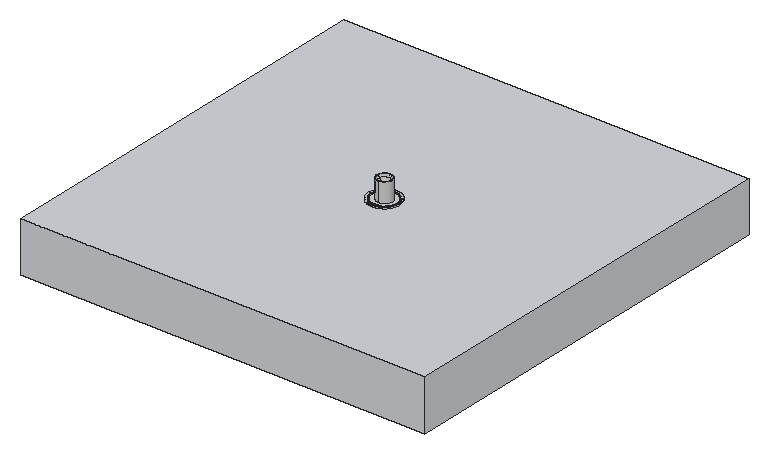
Revit family "LAMP_HANCE DOWNLIGHT SEMIRECESSED SPOT 3000_4000 (DALI)", category Modelos genéricos, Revit 2015
Parameters (values of type "2656LM 4000K 3000 BLACK")
  Weight = 1.54 kg
  Aro 3000/4000 = yes
  Aro 1000/2000 = no
  Type = "COB PHILIPS"
  Tilting [instance] = if(Tilt < 0.00°, 180.00°, if(Tilt > 85.00°, 265.00°, Tilt + 180.00°))  # 180.00°
  Tilt [instance] = 0.00°
  Recessed diameter = 175 mm
  Protection rating = "IP20"
  Product datasheet = "http://www.lamp.es/product-files/TECH/HD1SR30SP840DBB-EN.pdf"
  Product code = "HD1SR30SP840DBB"
  Product URL = "https://www.lamp.es/en/family/hance-downlight_196363"
  Power Supply = "220-240V 50/60Hz"
  Power = 25 W
  Plum = 27.8 W
  Photometric web file = Cuerpo Hance BASE (tilting)_SP : 2656LM 4000K 3000 BLACK
  Modelo = Product code  # "HD1SR30SP840DBB"
  Model explanation = "Availability of tilting between 0º and 85º when placed in a project."
  Material interior aro = LAMP_Aluminio Hance Negro
  Material aro = LAMP_Aluminio Hance Negro
  Manufacturer name = "LAMP"
  Manufacturer country = "Spain"
  Manufacturer URL = "http://www.lamp.es/en"
  MacAdam = "3"
  Luminaire type = "Indoor - Recessed downlight"
  Last update = "22/11/2019"
  Lamp = "COB LED"
  LED Lifetime = "50.000 L80 B10"
  Insulation class = "II"
  Installation instructions = "https://www.lamp.es/product-files/INS/1004410-B-INSTR.%20DE%20MONTAJE%20HANCE%20DOWNLIGHT.pdf"
  Initial intensity = 2656 lm
  Initial color = 4000 K
  IEE = "A+"
  Gear = "Adjustable DALI"
  Finish = "Texturised black RAL 9011"
  Fabricante = Manufacturer name  # "LAMP"
  Default Elevation = 1219.2 mm
  Efficacy = 95.54 lm/W
  Radio aro exterior = 49 mm
  Diameter = 188 mm
  Descripción = "HANCE DOWN SEMIREC 3000 NW SP DALI BK."
  Decorative ring [instance] = Aro decorativo 3000_4000 (tilting) : Black
  Comentarios de tipo = Model explanation  # "Availability of tilting between 0º and 85º when placed in a project."
  CRI = "80"
  Altura modulos = 145 mm
Types (8, lengths in mm): name | Product datasheet | Product code | Power | Plum | Photometric web file | Modelo | Material aro | Initial intensity | Initial color | Finish | Efficacy | Descripción
  2656LM 4000K 3000 BLACK | "http://www.lamp.es/product-files/TECH/HD1SR30SP840DBB-EN.pdf" | "HD1SR30SP840DBB" | 25 W | 27.8 W | Cuerpo Hance BASE (tilting)_SP : 2656LM 4000K 3000 BLACK | "HD1SR30SP840DBB" | LAMP_Aluminio Hance Negro | 2656 lm | 4000 K | "Texturised black RAL 9011" | 95.54 lm/W | "HANCE DOWN SEMIREC 3000 NW SP DALI BK."
  2656LM 4000K 3000 WHITE | "http://www.lamp.es/product-files/TECH/HD1SR30SP840DBW-EN.pdf" | "HD1SR30SP840DBW" | 25 W | 27.8 W | Cuerpo Hance BASE (tilting)_SP : 2656LM 4000K 3000 WHITE | "HD1SR30SP840DBW" | LAMP_Aluminio Hance Blanco | 2656 lm | 4000 K | "Texturised white RAL 9010" | 95.54 lm/W | "HANCE DOWN SEMIREC 3000 NW SP DALI WH."
  2788LM 3000K 3000 BLACK | "http://www.lamp.es/product-files/TECH/HD1SR30SP830DBB-EN.pdf" | "HD1SR30SP830DBB" | 25 W | 28.2 W | Cuerpo Hance BASE (tilting)_SP : 2788LM 3000K 3000 BLACK | "HD1SR30SP830DBB" | LAMP_Aluminio Hance Negro | 2788 lm | 3000 K | "Texturised black RAL 9011" | 98.86 lm/W | "HANCE DOWN SEMIREC 3000 WW SP DALI BK."
  2788LM 3000K 3000 WHITE | "http://www.lamp.es/product-files/TECH/HD1SR30SP830DBW-EN.pdf" | "HD1SR30SP830DBW" | 25 W | 28.2 W | Cuerpo Hance BASE (tilting)_SP : 2788LM 3000K 3000 WHITE | "HD1SR30SP830DBW" | LAMP_Aluminio Hance Blanco | 2788 lm | 3000 K | "Texturised white RAL 9010" | 98.86 lm/W | "HANCE DOWN SEMIREC 3000 WW SP DALI WH."
  3518LM 4000K 4000 BLACK | "http://www.lamp.es/product-files/TECH/HD1SR40SP830DBB-EN.pdf" | "HD1SR40SP830DBB" | 34 W | 37.6 W | Cuerpo Hance BASE (tilting)_SP : 3518LM 4000K 4000 BLACK | "HD1SR40SP830DBB" | LAMP_Aluminio Hance Negro | 3518 lm | 3000 K | "Texturised black RAL 9011" | 93.55 lm/W | "HANCE DOWN SEMIREC 4000 WW SP DALI BK."
  3518LM 4000K 4000 WHITE | "http://www.lamp.es/product-files/TECH/HD1SR40SP830DBW-EN.pdf" | "HD1SR40SP830DBW" | 34 W | 37.6 W | Cuerpo Hance BASE (tilting)_SP : 3518LM 4000K 4000 WHITE | "HD1SR40SP830DBW" | LAMP_Aluminio Hance Blanco | 3518 lm | 3000 K | "Texturised white RAL 9010" | 93.55 lm/W | "HANCE DOWN SEMIREC 4000 WW SP DALI WH."
  3660LM 3000K 4000 BLACK | "http://www.lamp.es/product-files/TECH/HD1SR40SP840DBB-EN.pdf" | "HD1SR40SP840DBB" | 34 W | 37.6 W | Cuerpo Hance BASE (tilting)_SP : 3660LM 3000K 4000 BLACK | "HD1SR40SP840DBB" | LAMP_Aluminio Hance Negro | 3660 lm | 4000 K | "Texturised black RAL 9011" | 97.34 lm/W | "HANCE DOWN SEMIREC 4000 NW SP DALI BK."
  3660LM 3000K 4000 WHITE | "http://www.lamp.es/product-files/TECH/HD1SR40SP840DBW-EN.pdf" | "HD1SR40SP840DBW" | 34 W | 37.6 W | Cuerpo Hance BASE (tilting)_SP : 3660LM 3000K 4000 WHITE | "HD1SR40SP840DBW" | LAMP_Aluminio Hance Blanco | 3660 lm | 4000 K | "Texturised white RAL 9010" | 97.34 lm/W | "HANCE DOWN SEMIREC 4000 NW SP DALI WH."
Reference planes
  plane 1 "Centro (Frontal/Posterior)": y = 0
  plane 2: z = 0
  plane 3 "Centro (Izquierda/Derecha)": x = 0
Forms (mm)
  Extrusion 1, solid
    sketch origin (0, 0, 0) x (1, 0, 0) y (0, 1, 0)
      loop
        line (-1219.2, 1219.2) -> (-1219.2, -1219.2) -> (1219.2, -1219.2) -> (1219.2, 1219.2) -> (-1219.2, 1219.2)
    from 0 to -304.8
  Revolve 2, solid, material "LAMP_Aluminio Hance Negro" <- "Material aro"
    sketch origin (0, 0, 0) x (1, 0, 0) y (0, 0, 1)
      loop
        line (94, 0) -> (94, 1) -> (79.1, 1) -> (79.1, -38.896) -> (87.1, -38.896) -> (87.1, -37.896) -> (81.6, -37.896) -> (81.6, 0) -> (94, 0)
      axis (0, 1) -> (0, -38.896)
    angle from 0 to 360
  Revolve 3, solid, material "LAMP_Aluminio Hance Negro" <- "Material interior aro", visible <- "Aro 3000/4000"
    sketch origin (0, 0, 0) x (1, 0, 0) y (0, 0, 1)
      loop
        arc (74.724, -0.646) -> (74.448, -1.016) -> (74.348, -1.466) r 1.1
        arc (74.348, -1.466) -> (72.204, -17.889) -> (66.127, -33.297) r 67.535
        arc (66.127, -33.297) -> (65.772, -33.665) -> (65.28, -33.8) r 0.965
        line (65.28, -33.8) -> (0, -33.8) -> (0, -34.8) -> (65.28, -34.8)
        arc (65.28, -34.8) -> (65.772, -34.665) -> (66.127, -34.297) r 0.965
        arc (66.127, -34.297) -> (72.204, -18.889) -> (74.348, -2.466) r 67.535
        arc (74.348, -2.466) -> (74.448, -2.016) -> (74.724, -1.646) r 1.1
        arc (74.724, -1.646) -> (76.762, -0.425) -> (79.1, 0) r 6.641
        line (79.1, 0) -> (79.1, 1)
        arc (79.1, 1) -> (76.762, 0.575) -> (74.724, -0.646) r 6.641
      axis (0, 1) -> (0, -34.8)
    angle from 0 to 360
  Extrusion 4, void
    sketch origin (0, 0, 0) x (1, 0, 0) y (0, 1, 0)
      loop
        line (22.671, 46.054) -> (-22.668, 46.054)
        arc (-22.668, 46.054) -> (-69.098, -0.376) -> (-22.668, -46.807) r 46.43
        line (-22.668, -46.807) -> (22.671, -46.807)
        arc (22.671, -46.807) -> (69.102, -0.376) -> (22.671, 46.054) r 46.43
    from -196.113 to 250
Cuts and joins
  Extrusion 4 cuts Revolve 3
Text (mm)
  text "Any modification of the parameters and properties of the LAMP BIM models must be executed and validated by the LAMP technical department.\n\nPhone: +34 93 736 68 00\n\nE-mail: lamp@lamp.es\n\n\n\nLAMP reserves the right to modify the technical specifications of its products." at (39771.841, -40794.867, 40621.237), in view "Preview"
Dimensions and locks
  aligned and locked: plane 2 to Extrusion 1
  aligned and locked: level to Extrusion 1
Nested families
  nested 1: "Cuerpo Hance BASE (tilting)_SP" at (0, 1.967, 39.75), type <- "Photometric web file", type "2656LM 4000K 3000 BLACK"
    with Tilting 180.00°
  nested 2: "Aro decorativo 3000_4000 (tilting)" at (0, 0, 42.53) x (1, 0, 0) z (0, 0, -1), type <- "Decorative ring", type "Black"
    with Tilting 180.00°
Connectors
  electrical at (-24.807, 0, -31.588)
    settings: on nested 1, index 1, voltage 230 V, apparent load 0 VA, apparent load phase1 0 VA, apparent load phase2 0 VA, apparent load phase3 0 VA, power factor 1, load classification "Otro", number of poles 1, system type 31, power factor state 1, is connector primary yes, connector utility no, sub classification motor no, connector description ""
Definition of nested family "Cuerpo Hance BASE (tilting)_SP"
  Parameters (values of type "2656LM 4000K 3000 BLACK")
    Tilting = 90.00°
    Photometric web file = Cuerpo Hance BASE_SP : 2656LM 4000K 3000 BLACK
    Longitud cuerpo = 145 mm
    Default Elevation = 1219.2 mm
  Types (17, lengths in mm): name | Photometric web file | Longitud cuerpo
    (no name) | Cuerpo Hance BASE_SP : 2656LM 4000K 3000 BLACK | 145
    710LM 4000K 1000 BLACK | Cuerpo Hance BASE_SP : 710LM 4000K 1000 BLACK | 100
    710LM 4000K 1000 WHITE | Cuerpo Hance BASE_SP : 710LM 4000K 1000 WHITE | 100
    773LM 3000K 1000 BLACK | Cuerpo Hance BASE_SP : 773LM 3000K 1000 BLACK | 100
    773LM 3000K 1000 WHITE | Cuerpo Hance BASE_SP : 773LM 3000K 1000 WHITE | 100
    1644LM 4000K 2000 BLACK | Cuerpo Hance BASE_SP : 1644LM 4000K 2000 BLACK | 100
    1644LM 4000K 2000 WHITE | Cuerpo Hance BASE_SP : 1644LM 4000K 2000 WHITE | 100
    1707LM 3000K 2000 BLACK | Cuerpo Hance BASE_SP : 1707LM 3000K 2000 BLACK | 100
    1707LM 3000K 2000 WHITE | Cuerpo Hance BASE_SP : 1707LM 3000K 2000 WHITE | 100
    2656LM 4000K 3000 BLACK | Cuerpo Hance BASE_SP : 2656LM 4000K 3000 BLACK | 145
    2656LM 4000K 3000 WHITE | Cuerpo Hance BASE_SP : 2656LM 4000K 3000 WHITE | 145
    2788LM 3000K 3000 BLACK | Cuerpo Hance BASE_SP : 2788LM 3000K 3000 BLACK | 145
    2788LM 3000K 3000 WHITE | Cuerpo Hance BASE_SP : 2788LM 3000K 3000 WHITE | 145
    3518LM 4000K 4000 BLACK | Cuerpo Hance BASE_SP : 3518LM 4000K 4000 BLACK | 145
    3518LM 4000K 4000 WHITE | Cuerpo Hance BASE_SP : 3518LM 4000K 4000 WHITE | 145
    3660LM 3000K 4000 BLACK | Cuerpo Hance BASE_SP : 3660LM 3000K 4000 BLACK | 145
    3660LM 3000K 4000 WHITE | Cuerpo Hance BASE_SP : 3660LM 3000K 4000 WHITE | 145
  Reference planes
    plane 1 "Centro (Frontal/Posterior)": y = 0
    plane 2: z = 0
    plane 3 "Centro (Izquierda/Derecha)": x = 0
  Lines and regions (mm)
    reference lines
      curve 1: line (0, 0, 0) -> (200, 0, 0)
  Dimensions and locks
    "Tilting": angle plane 3 "Centro (Izquierda/Derecha)" to curve 1
    aligned and locked: level to plane 2
    aligned and locked: plane 3 "Centro (Izquierda/Derecha)" to curve 1
    aligned and locked: plane 2 to curve 1
  Nested families
    nested 1: "Cuerpo Hance BASE_SP" at (-30.338, -1.967, 27.875), type <- "Photometric web file", type "2656LM 4000K 3000 BLACK"
  Definition of nested family "Cuerpo Hance BASE_SP"
    Parameters (values of type "710LM 4000K 1000 BLACK")
      Tilt Angle = 90.00° + Tilting  # 180.00°
      Wattage = 7.6 W
      Tilting = 90.00°
      built-in parameter 1150107 = 4000 (stored number, unit not read)
      Radio vacio posterior = Radio cuerpo - 2.2 mm  # 30.3 mm
      Radio vaciado = Radio cuerpo - 1.5 mm  # 31 mm
      Radio cuerpo = if(Longitud cuerpo = 145 mm, 45 mm, 32.5 mm)  # 32.5 mm
      built-in parameter 1150110 = 1 (stored number, unit not read)
      built-in parameter 1150109 = 1 (stored number, unit not read)
      built-in parameter 1150112 = 1 (stored number, unit not read)
      built-in parameter 1150113 = 1 (stored number, unit not read)
      built-in parameter 1114218 = 1 (stored number, unit not read)
      built-in parameter 1150137 = (empty or 0)
      built-in parameter 1150132 = 2
      Material reflector = none
      Material cuerpo = none
      Material COB = none
      Longitud cuerpo = 100 mm
      Long. origen luz = if(Longitud cuerpo = 100 mm, 20 mm, if(Longitud cuerpo = 170 mm, 55 mm, 90 mm))  # 20 mm
      L_3 = if(Ancho disipador posterior = 80.4 mm, 39.6 mm, 12 mm)  # 12 mm
      L_2 = if(Ancho disipador posterior = 80.4 mm, 36.3 mm, 22.6 mm)  # 22.6 mm
      L_1 = if(Ancho disipador posterior = 80.4 mm, 36.8 mm, 25.4 mm)  # 25.4 mm
      built-in parameter 1150105 = 56.487 (stored number, unit not read)
      built-in parameter 1150102 = (empty or 0)
      built-in parameter 1150106 = 0.56487 (stored number, unit not read)
      Lumens = 709.84 lm
      Color Filter = 16777215
      built-in parameter 1114217 = 1 (stored number, unit not read)
      built-in parameter 1150139 = (empty or 0)
      Default Elevation = 1219.2 mm
      built-in parameter 1150104 = 8.6771 (stored number, unit not read)
      Diametro aro = if(Radio cuerpo = 45 mm, 42.9 mm, 30.4 mm)  # 30.4 mm
      built-in parameter 1150115 = 1 (stored number, unit not read)
      built-in parameter 1150114 = 1 (stored number, unit not read)
      built-in parameter 1150138 = (empty or 0)
      built-in parameter 1150134 = 12
      Dimming Lamp Color Temperature Shift = (empty or 0)
      Photometric Web File = "HD1RE10SP840NBB.IES"
      Ancho vaciado reflector = if(Radio cuerpo = 45 mm, 34.4 mm, 21.9 mm)  # 21.9 mm
      Ancho reflector = if(Radio cuerpo = 45 mm, 35.4 mm, 22.9 mm)  # 22.9 mm
      Ancho disipador posterior = if(Radio cuerpo = 32.5 mm, 53 mm, 80.4 mm)  # 53 mm
      built-in parameter 1150133 = 10 (stored number, unit not read)
      Altura disipador superior = if(Radio cuerpo = 45 mm, 23.9 mm, 36.9 mm)  # 36.9 mm
      Ancho disipador superior = if(Radio cuerpo = 45 mm, 28 mm, 22.6 mm)  # 22.6 mm
    Types (16, lengths in mm): name | Wattage | built-in parameter 1150107 | Radio vacio posterior | Radio vaciado | Radio cuerpo | Longitud cuerpo | Long. origen luz | L_3 | L_2 | L_1 | built-in parameter 1150105 | built-in parameter 1150106 | Lumens | built-in parameter 1150104 | Diametro aro | built-in parameter 1150134 | Photometric Web File | Ancho vaciado reflector | Ancho reflector | Ancho disipador posterior | Altura disipador superior | Ancho disipador superior
      710LM 4000K 1000 BLACK | 7.6 W | 4000 (stored number, unit not read) | 30.3 | 31 | 32.5 | 100 | 20 | 12 | 22.6 | 25.4 | 56.487 (stored number, unit not read) | 0.56487 (stored number, unit not read) | 709.84 lm | 8.6771 (stored number, unit not read) | 30.4 | 12 | "HD1RE10SP840NBB.IES" | 21.9 | 22.9 | 53 | 36.9 | 22.6
      710LM 4000K 1000 WHITE | 7.6 W | 4000 (stored number, unit not read) | 30.3 | 31 | 32.5 | 100 | 20 | 12 | 22.6 | 25.4 | 4052.9 (stored number, unit not read) | 40.529 (stored number, unit not read) | 709.84 lm | 8.6771 (stored number, unit not read) | 30.4 | 12 | "HD1RE10SP840NBW.IES" | 21.9 | 22.9 | 53 | 36.9 | 22.6
      773LM 3000K 1000 BLACK | 7.7 W | 3000 (stored number, unit not read) | 30.3 | 31 | 32.5 | 100 | 20 | 12 | 22.6 | 25.4 | 4414.8 (stored number, unit not read) | 44.148 (stored number, unit not read) | 773.234 lm | 9.3293 (stored number, unit not read) | 30.4 | (empty or 0) | "HD1RE10SP830NBB.IES" | 21.9 | 22.9 | 53 | 36.9 | 22.6
      773LM 3000K 1000 WHITE | 7.7 W | 3000 (stored number, unit not read) | 30.3 | 31 | 32.5 | 100 | 20 | 12 | 22.6 | 25.4 | 4414.8 (stored number, unit not read) | 44.148 (stored number, unit not read) | 773.234 lm | 9.3293 (stored number, unit not read) | 30.4 | (empty or 0) | "HD1RE10SP830NBW.IES" | 21.9 | 22.9 | 53 | 36.9 | 22.6
      1644LM 4000K 2000 BLACK | 20.6 W | 4000 (stored number, unit not read) | 30.3 | 31 | 32.5 | 100 | 20 | 12 | 22.6 | 25.4 | 9386.9 (stored number, unit not read) | 93.869 (stored number, unit not read) | 1644.09 lm | 7.4146 (stored number, unit not read) | 30.4 | 12 | "HD1RE20SP840NBB.IES" | 21.9 | 22.9 | 53 | 36.9 | 22.6
      1644LM 4000K 2000 WHITE | 20.6 W | 4000 (stored number, unit not read) | 30.3 | 31 | 32.5 | 100 | 20 | 12 | 22.6 | 25.4 | 9386.9 (stored number, unit not read) | 93.869 (stored number, unit not read) | 1644.09 lm | 7.4146 (stored number, unit not read) | 30.4 | 12 | "HD1RE20SP840NBW.IES" | 21.9 | 22.9 | 53 | 36.9 | 22.6
      1707LM 3000K 2000 BLACK | 20.7 W | 3000 (stored number, unit not read) | 30.3 | 31 | 32.5 | 100 | 20 | 12 | 22.6 | 25.4 | 9500.4 (stored number, unit not read) | 95.004 (stored number, unit not read) | 1706.92 lm | 7.6608 (stored number, unit not read) | 30.4 | (empty or 0) | "HD1RE20SP830NBB.IES" | 21.9 | 22.9 | 53 | 36.9 | 22.6
      1707LM 3000K 2000 WHITE | 20.7 W | 3000 (stored number, unit not read) | 30.3 | 31 | 32.5 | 100 | 20 | 12 | 22.6 | 25.4 | 9500.4 (stored number, unit not read) | 95.004 (stored number, unit not read) | 1706.92 lm | 7.6608 (stored number, unit not read) | 30.4 | (empty or 0) | "HD1RE20SP830NBW.IES" | 21.9 | 22.9 | 53 | 36.9 | 22.6
      2656LM 4000K 3000 BLACK | 27.8 W | 4000 (stored number, unit not read) | 42.8 | 43.5 | 45 | 145 | 90 | 39.6 | 36.3 | 36.8 | 21509.2 (stored number, unit not read) | 215.09 (stored number, unit not read) | 2656.01 lm | 8.876 (stored number, unit not read) | 42.9 | 12 | "HD1RE30SP840NBB.IES" | 34.4 | 35.4 | 80.4 | 23.9 | 28
      2656LM 4000K 3000 WHITE | 27.8 W | 4000 (stored number, unit not read) | 42.8 | 43.5 | 45 | 145 | 90 | 39.6 | 36.3 | 36.8 | 21509.2 (stored number, unit not read) | 215.09 (stored number, unit not read) | 2656.01 lm | 8.876 (stored number, unit not read) | 42.9 | 12 | "HD1RE30SP840NBW.IES" | 34.4 | 35.4 | 80.4 | 23.9 | 28
      2788LM 3000K 3000 BLACK | 28.2 W | 3000 (stored number, unit not read) | 42.8 | 43.5 | 45 | 145 | 90 | 39.6 | 36.3 | 36.8 | 22576.9 (stored number, unit not read) | 225.77 (stored number, unit not read) | 2787.85 lm | 9.1844 (stored number, unit not read) | 42.9 | (empty or 0) | "HD1RE30SP830NBB.IES" | 34.4 | 35.4 | 80.4 | 23.9 | 28
      2788LM 3000K 3000 WHITE | 28.2 W | 3000 (stored number, unit not read) | 42.8 | 43.5 | 45 | 145 | 90 | 39.6 | 36.3 | 36.8 | 22576.9 (stored number, unit not read) | 225.77 (stored number, unit not read) | 2787.85 lm | 9.1844 (stored number, unit not read) | 42.9 | (empty or 0) | "HD1RE30SP830NBW.IES" | 34.4 | 35.4 | 80.4 | 23.9 | 28
      3518LM 4000K 4000 BLACK | 37.6 W | 4000 (stored number, unit not read) | 42.8 | 43.5 | 45 | 145 | 90 | 39.6 | 36.3 | 36.8 | 28485.6 (stored number, unit not read) | 284.86 (stored number, unit not read) | 3517.48 lm | 8.6911 (stored number, unit not read) | 42.9 | 12 | "HD1RE40SP830NBB.IES" | 34.4 | 35.4 | 80.4 | 23.9 | 28
      3518LM 4000K 4000 WHITE | 37.6 W | 4000 (stored number, unit not read) | 42.8 | 43.5 | 45 | 145 | 90 | 39.6 | 36.3 | 36.8 | 28485.6 (stored number, unit not read) | 284.86 (stored number, unit not read) | 3517.48 lm | 8.6911 (stored number, unit not read) | 42.9 | 12 | "HD1RE40SP830NBW.IES" | 34.4 | 35.4 | 80.4 | 23.9 | 28
      3660LM 3000K 4000 BLACK | 37.6 W | 3000 (stored number, unit not read) | 42.8 | 43.5 | 45 | 145 | 90 | 39.6 | 36.3 | 36.8 | 24069.5 (stored number, unit not read) | 240.7 (stored number, unit not read) | 3659.98 lm | 9.0432 (stored number, unit not read) | 42.9 | (empty or 0) | "HD1RE40SP840NBB.IES" | 34.4 | 35.4 | 80.4 | 23.9 | 28
      3660LM 3000K 4000 WHITE | 37.6 W | 3000 (stored number, unit not read) | 42.8 | 43.5 | 45 | 145 | 90 | 39.6 | 36.3 | 36.8 | 24069.5 (stored number, unit not read) | 240.7 (stored number, unit not read) | 3659.98 lm | 9.0432 (stored number, unit not read) | 42.9 | (empty or 0) | "HD1RE40SP840NBW.IES" | 34.4 | 35.4 | 80.4 | 23.9 | 28
    Reference planes
      plane 1 "Centro (Frontal/Posterior)": y = 0
      plane 2: z = 0
      plane 3 "Centro (Izquierda/Derecha)": x = 0
    Forms (mm)
      Extrusion 1, solid, material <- "Material cuerpo"
        sketch origin (0, 0, 0) x (0, -1, 0) y (0, 0, 1)
          loop
            circle (0, -27.875) r 32.5
        from -58 to 42
      Extrusion 2, void
        sketch origin (0, 0, 0) x (0, 1, 0) y (0, 0, 1)
          loop
            line (11.3, 30) -> (-11.3, 30) -> (-11.3, -6.9)
            arc (-11.3, -6.9) -> (0, -7.855) -> (11.3, -6.9) r 67.349
            line (11.3, -6.9) -> (11.3, 30)
        from -42 to 9.4
      Extrusion 3, void
        sketch origin (0, 0, 0) x (0, 1, 0) y (0, 0, 1)
          loop
            circle (0, -27.875) r 30.3
        from -42 to -41
      Extrusion 4, void
        sketch origin (0, 0, 0) x (0, 1, 0) y (0, 0, 1)
          loop
            line (26.5, -26.291) -> (-26.5, -26.291)
            arc (-26.5, -26.291) -> (-27.7, -27.491) -> (-26.5, -28.691) r 1.2
            line (-26.5, -28.691) -> (26.5, -28.691)
            arc (26.5, -28.691) -> (27.7, -27.491) -> (26.5, -26.291) r 1.2
          loop
            line (26.115, -30.891) -> (-26.115, -30.891)
            arc (-26.115, -30.891) -> (-27.315, -32.091) -> (-26.115, -33.291) r 1.2
            line (-26.115, -33.291) -> (26.115, -33.291)
            arc (26.115, -33.291) -> (27.315, -32.091) -> (26.115, -30.891) r 1.2
          loop
            line (25.4, -35.55) -> (-24.915, -35.55)
            arc (-24.915, -35.55) -> (-26.115, -36.75) -> (-24.915, -37.95) r 1.2
            line (-24.915, -37.95) -> (25.4, -37.95)
            arc (25.4, -37.95) -> (26.6, -36.75) -> (25.4, -35.55) r 1.2
          loop
            line (22.6, -40.091) -> (-22.64, -40.091)
            arc (-22.64, -40.091) -> (-23.84, -41.291) -> (-22.64, -42.491) r 1.2
            line (-22.64, -42.491) -> (22.6, -42.491)
            arc (22.6, -42.491) -> (23.8, -41.291) -> (22.6, -40.091) r 1.2
          loop
            line (19.043, -44.691) -> (-19.086, -44.691)
            arc (-19.086, -44.691) -> (-20.286, -45.891) -> (-19.086, -47.091) r 1.2
            line (-19.086, -47.091) -> (19.043, -47.091)
            arc (19.043, -47.091) -> (20.243, -45.891) -> (19.043, -44.691) r 1.2
          loop
            line (15.357, -49.291) -> (-15.5, -49.291)
            arc (-15.5, -49.291) -> (-16.6, -50.391) -> (-15.5, -51.491) r 1.1
            line (-15.5, -51.491) -> (15.357, -51.491)
            arc (15.357, -51.491) -> (16.457, -50.391) -> (15.357, -49.291) r 1.1
          loop
            line (6, -53.691) -> (-6, -53.691)
            arc (-6, -53.691) -> (-7.1, -54.791) -> (-6, -55.891) r 1.1
            line (-6, -55.891) -> (6, -55.891)
            arc (6, -55.891) -> (7.1, -54.791) -> (6, -53.691) r 1.1
        from -42 to -38.7
      Extrusion 5, void
        sketch origin (0, 0, 0) x (-1, 0, 0) y (0, -1, 0)
          loop
            line (37.7, -9.12) -> (37.7, 9.12)
            arc (37.7, 9.12) -> (36.6, 10.22) -> (35.5, 9.12) r 1.1
            line (35.5, 9.12) -> (35.5, -9.12)
            arc (35.5, -9.12) -> (36.6, -10.22) -> (37.7, -9.12) r 1.1
          loop
            line (28.9, -9.12) -> (28.9, 9.12)
            arc (28.9, 9.12) -> (27.8, 10.22) -> (26.7, 9.12) r 1.1
            line (26.7, 9.12) -> (26.7, -9.12)
            arc (26.7, -9.12) -> (27.8, -10.22) -> (28.9, -9.12) r 1.1
          loop
            line (20.1, -9.12) -> (20.1, 9.12)
            arc (20.1, 9.12) -> (19, 10.22) -> (17.9, 9.12) r 1.1
            line (17.9, 9.12) -> (17.9, -9.12)
            arc (17.9, -9.12) -> (19, -10.22) -> (20.1, -9.12) r 1.1
        from -51.491 to 30
      Extrusion 6, void
        sketch origin (0, 0, 0) x (-1, 0, 0) y (0, -1, 0)
          loop
            line (33.3, -9.12) -> (33.3, 9.12)
            arc (33.3, 9.12) -> (32.2, 10.22) -> (31.1, 9.12) r 1.1
            line (31.1, 9.12) -> (31.1, -9.12)
            arc (31.1, -9.12) -> (32.2, -10.22) -> (33.3, -9.12) r 1.1
          loop
            line (24.5, -9.12) -> (24.5, 9.12)
            arc (24.5, 9.12) -> (23.4, 10.22) -> (22.3, 9.12) r 1.1
            line (22.3, 9.12) -> (22.3, -9.12)
            arc (22.3, -9.12) -> (23.4, -10.22) -> (24.5, -9.12) r 1.1
        from -8.232 to 30
      Extrusion 7, void
        sketch origin (0, 0, 0) x (0, 1, 0) y (0, 0, 1)
          loop
            circle (0, -27.875) r 31
        from 17.213 to 58
      Revolve 8, solid, material <- "Material reflector"
        sketch origin (0, 0, 0) x (1, 0, 0) y (0, 0, 1)
          loop
            line (25.5, -27.875) -> (45.818, -27.875) -> (45.818, -4.975) -> (25.5, -19.875) -> (25.5, -27.875)
          axis (25.5, -27.875) -> (45.818, -27.875)
        angle from 0 to 360
      Revolve 9, void
        sketch origin (0, 0, 0) x (1, 0, 0) y (0, 0, 1)
          loop
            line (45.818, -5.975) -> (26.5, -20.142) -> (25.5, -20.142) -> (25.5, -27.875) -> (26.5, -27.875) -> (45.818, -27.875) -> (45.818, -5.975)
          axis (45.818, -27.875) -> (25.5, -27.875)
        angle from 0 to 360
      Extrusion 10, solid, material <- "Material COB"
        sketch origin (0, 0, 0) x (0, -1, 0) y (0, 0, 1)
          loop
            circle (0, -27.875) r 7.733
        from -26.5 to -25.5
    Cuts and joins
      Extrusion 2, Extrusion 3, Extrusion 4, Extrusion 5, Extrusion 6, Extrusion 7 cuts Extrusion 1
      Revolve 9 cuts Revolve 8
    Lines and regions (mm)
      reference lines
        curve 1: line (0, 0, 0) -> (178.042, 0, 0)
        curve 2: line (93, 0, -27.875) -> (113, 0, -27.875)
        curve 3: line (0, 0, 0) -> (0, 0, -75)
        curve 4: line (93, 0, -22.875) -> (93, 0, -32.875)
    Text (mm)
      text "Any modification of the parameters and properties of the LAMP BIM models must be executed and validated by the LAMP technical department.\n\nPhone: +34 93 736 68 00\n\nE-mail: lamp@lamp.es\n\n\n\nLAMP reserves the right to modify the technical specifications of its products." at (97482.136, -81600.41, 57308.082), in view "Preview"
    Dimensions and locks
      locked: Revolve 9 sketch curve to cut or joined group of Extrusion 1, Extrusion 2, Extrusion 3, Extrusion 4, Extrusion 5, Extrusion 6, Extrusion 7 at 12.182
      "Longitud cuerpo": cut or joined group of Extrusion 1, Extrusion 2, Extrusion 3, Extrusion 4, Extrusion 5, Extrusion 6, Extrusion 7 to cut or joined group of Extrusion 1, Extrusion 2, Extrusion 3, Extrusion 4, Extrusion 5, Extrusion 6, Extrusion 7
      locked: cut or joined group of Extrusion 1, Extrusion 2, Extrusion 3, Extrusion 4, Extrusion 5, Extrusion 6, Extrusion 7 to curve 3 at 42
      locked: cut or joined group of Revolve 8, Revolve 9 to cut or joined group of Extrusion 1, Extrusion 2, Extrusion 3, Extrusion 4, Extrusion 5, Extrusion 6, Extrusion 7 at 12.182
      locked: cut or joined group of Revolve 8, Revolve 9 to cut or joined group of Revolve 8, Revolve 9 at 20.318
      locked: cut or joined group of Extrusion 1, Extrusion 2, Extrusion 3, Extrusion 4, Extrusion 5, Extrusion 6, Extrusion 7 to Extrusion 10 at 31.5
      locked: Extrusion 10 to Extrusion 10 at 1
      "Long. origen luz": curve 4 to curve 2
      equal spacing: Extrusion 4 sketch curve, plane 1 "Centro (Frontal/Posterior)", Extrusion 4 sketch curve  (x2)
      "Ancho disipador posterior": Extrusion 4 sketch curve to Extrusion 4 sketch curve
      "L_1": Extrusion 4 sketch curve to plane 1 "Centro (Frontal/Posterior)"
      "L_2": Extrusion 4 sketch curve to curve 3
      "L_3": Extrusion 4 sketch curve to Extrusion 4 sketch curve
      equal spacing: Extrusion 2 sketch curve, plane 1 "Centro (Frontal/Posterior)", Extrusion 2 sketch curve
      "Ancho disipador superior": Extrusion 2 sketch curve to Extrusion 2 sketch curve
      "Altura disipador superior": Extrusion 2 sketch curve to Extrusion 2 sketch curve
      locked: plane 2 to Extrusion 2 sketch curve at 30
      "Ancho reflector": Revolve 8 sketch curve to imposter light
      "Ancho vaciado reflector": Revolve 9 sketch curve to imposter light
      "Radio cuerpo": radius of Extrusion 1 sketch curve
      "Radio vaciado": radius of Extrusion 7 sketch curve
      "Radio vacio posterior": radius of Extrusion 3 sketch curve
      "Tilting": angle plane 3 "Centro (Izquierda/Derecha)" to curve 1
      aligned and locked: level to plane 2
      aligned and locked: imposter light to curve 2  (x2)
      aligned and locked: cut or joined group of Extrusion 1, Extrusion 2, Extrusion 3, Extrusion 4, Extrusion 5, Extrusion 6, Extrusion 7 to cut or joined group of Extrusion 1, Extrusion 2, Extrusion 3, Extrusion 4, Extrusion 5, Extrusion 6, Extrusion 7
    Automatic sketch dimensions
      curve 1 to Extrusion 5 sketch curve = 17.9 mm
      Extrusion 5 sketch curve to Extrusion 5 sketch curve = 1.1 mm  (x3)
      Extrusion 5 sketch curve to Extrusion 5 sketch curve = 6.6 mm  (x2)
      Extrusion 5 sketch curve to curve 1 = 9.12 mm  (x2)
      Extrusion 5 sketch curve to Extrusion 5 sketch curve = 0 mm  (x3)
      curve 1 to Extrusion 5 sketch curve = 9.12 mm
      curve 1 to Extrusion 6 sketch curve = 22.3 mm
      Extrusion 6 sketch curve to Extrusion 6 sketch curve = 1.1 mm  (x2)
      Extrusion 6 sketch curve to Extrusion 6 sketch curve = 6.6 mm
      Extrusion 6 sketch curve to curve 1 = 9.12 mm
      Extrusion 6 sketch curve to Extrusion 6 sketch curve = 0 mm  (x2)
      curve 1 to Extrusion 6 sketch curve = 9.12 mm
      Extrusion 10 sketch curve to plane 1 "Centro (Frontal/Posterior)" = 0 mm
      Extrusion 1 sketch curve to plane 1 "Centro (Frontal/Posterior)" = 0 mm
      Extrusion 1 sketch curve to level = 27.875 mm
      Extrusion 2 sketch curve to plane 1 "Centro (Frontal/Posterior)" = 0 mm
      Extrusion 2 sketch curve to Extrusion 2 sketch curve = 29.494 mm
      Extrusion 3 sketch curve to plane 1 "Centro (Frontal/Posterior)" = 0 mm
      Extrusion 3 sketch curve to level = 27.875 mm
      Extrusion 4 sketch curve to Extrusion 4 sketch curve = 0.385 mm  (x2)
      Extrusion 4 sketch curve to Extrusion 4 sketch curve = 1.2 mm  (x6)
      Extrusion 4 sketch curve to Extrusion 4 sketch curve = 2.276 mm
      Extrusion 4 sketch curve to Extrusion 4 sketch curve = 3.554 mm
      Extrusion 4 sketch curve to Extrusion 4 sketch curve = 3.586 mm
      Extrusion 4 sketch curve to Extrusion 4 sketch curve = 9.357 mm
      Extrusion 4 sketch curve to Extrusion 4 sketch curve = 3.557 mm
      Extrusion 4 sketch curve to level = 55.891 mm
      Extrusion 4 sketch curve to Extrusion 4 sketch curve = 1.1 mm  (x2)
      Extrusion 4 sketch curve to Extrusion 4 sketch curve = 2.2 mm  (x4)
      Extrusion 4 sketch curve to Extrusion 4 sketch curve = 2.141 mm
      Extrusion 4 sketch curve to Extrusion 4 sketch curve = 2.259 mm
      Extrusion 7 sketch curve to plane 1 "Centro (Frontal/Posterior)" = 0 mm
      Extrusion 7 sketch curve to level = 27.875 mm
      curve 1 to Revolve 8 sketch curve = 25.5 mm
      Revolve 8 sketch curve to Revolve 8 sketch curve = 20.318 mm
      curve 1 to Revolve 8 sketch curve = 19.875 mm
      Revolve 8 sketch curve to Revolve 8 sketch curve = 8 mm
      Revolve 8 sketch curve to Revolve 8 sketch curve = 0 mm  (x2)
      Revolve 8 sketch curve to Revolve 8 sketch curve = 9.682 mm
      Revolve 9 sketch curve to Revolve 9 sketch curve = 19.318 mm
      Revolve 9 sketch curve to Revolve 9 sketch curve = 0 mm  (x3)
      Revolve 9 sketch curve to Revolve 9 sketch curve = 1 mm
      curve 1 to Revolve 9 sketch curve = 20.142 mm
      Revolve 9 sketch curve to Revolve 9 sketch curve = 7.733 mm
      Revolve 9 sketch curve to Revolve 9 sketch curve = 9.682 mm
      curve 1 to level = 0 mm
      curve 1 to plane 3 "Centro (Izquierda/Derecha)" = 0 mm
      curve 3 to curve 1 = 0 mm  (x2)
      curve 3 to curve 1 = 75 mm
      curve 1 to curve 4 = 32.875 mm
      curve 4 to curve 1 = 85.042 mm
      curve 4 to curve 2 = 5 mm
      curve 2 to curve 4 = 5 mm
      radius of Extrusion 10 sketch curve = 7.733 mm
Definition of nested family "Aro decorativo 3000_4000 (tilting)"
  Parameters (values of type "Black")
    Weight (3000/4000) = 0.016 kg
    Weight (1000/2000) = 0.01 kg
    Tilting = 0.00°
    Product datasheet = ""
    Product code (3000/4000) = "HSRI90C"
    Product code (1000/2000) = "HSRI65C"
    Product URL = ""
    Model = ""
    Material aro = none
    Manufacturer name = "LAMP"
    Manufacturer country = "Spain"
    Manufacturer URL = "http://www.lamp.es/en"
    Longitud = 42.5 mm
    Last update = "21/05/2018"
    Installation instructions = ""
    Finish = "Metalized matt copper"
    Manufacturer = Manufacturer name  # "LAMP"
    Default Elevation = 1219.2 mm
    Diameter (3000/4000) = 90 mm
    Diameter (1000/2000) = 65 mm
    Description = ""
    Accessory Type = "Optic"
    3000/4000 Model = "HSRI90C"
    3000/4000 Description = "HANCE 3000/4000 ACC. RING DECO CO."
    1000/2000 Model = "HSRI65C"
    1000/2000 Description = "HANCE 1000/2000 ACC. RING DECO CO."
  Types (5, lengths in mm): name | Product code (3000/4000) | Product code (1000/2000) | Finish | 3000/4000 Model | 3000/4000 Description | 1000/2000 Model | 1000/2000 Description
    (no name) | "HSRI90C" | "HSRI65C" | "Metalized matt copper" | "HSRI90C" | "HANCE 3000/4000 ACC. RING DECO CO." | "HSRI65C" | "HANCE 1000/2000 ACC. RING DECO CO."
    Black | "HSRI90C" | "HSRI65C" | "Metalized matt copper" | "HSRI90C" | "HANCE 3000/4000 ACC. RING DECO CO." | "HSRI65C" | "HANCE 1000/2000 ACC. RING DECO CO."
    Copper | "HSRI90C" | "HSRI65C" | "Metalized matt copper" | "HSRI90C" | "HANCE 3000/4000 ACC. RING DECO CO." | "HSRI65C" | "HANCE 1000/2000 ACC. RING DECO CO."
    Grey | "HSRI90M" | "HSRI65M" | "Metalized matt silver" | "HSRI90M" | "HANCE 3000/4000 ACC. RING DECO MET." | "HSRI65M" | "HANCE 1000/2000 ACC. RING DECO MET."
    White | "HSRI90W" | "HSRI65W" | "Matt White" | "HSRI90W" | "HANCE 3000/4000 ACC. RING DECO WH." | "HSRI65W" | "HANCE 1000/2000 ACC. RING DECO WH."
  Reference planes
    plane 1 "Centro (Frontal/Posterior)": y = 0
    plane 2: z = 0
    plane 3 "Centro (Izquierda/Derecha)": x = 0
  Lines and regions (mm)
    reference lines
      curve 1: line (0, 0, 0) -> (0, 0, 80.8)
    model lines
      curve 2: line (68.747, 0, 0) -> (69.9, 0, 0)
  Text (mm)
    text "Any modification of the parameters and properties of the LAMP BIM models must be executed and validated by the LAMP technical department.\n\nPhone: +34 93 736 68 00\n\nE-mail: lamp@lamp.es\n\n\n\nLAMP reserves the right to modify the technical specifications of its products." at (86527.204, -96597.187, 50741.736), in view "Preview"
  Dimensions and locks
    "Tilting": angle curve 1 to plane 3 "Centro (Izquierda/Derecha)"
    aligned and locked: level to plane 2
    aligned and locked: plane 3 "Centro (Izquierda/Derecha)" to curve 1
    aligned and locked: plane 2 to curve 1
  Automatic sketch dimensions
    curve 2 to level = 0 mm
    plane 3 "Centro (Izquierda/Derecha)" to curve 2 = 68.747 mm
    curve 2 to curve 2 = 1.153 mm
  Nested families
    nested 1: "Aro decorativo 3000_4000" at (-27.9, 0, 17.2) x (0, 0, 1) z (-1, 0, 0), type "Copper"
  Definition of nested family "Aro decorativo 3000_4000"
    Parameters (values of type "Black")
      Weight (3000/4000) = 0.016 kg
      Weight (1000/2000) = 0.01 kg
      Product datasheet = ""
      Product code (3000/4000) = "HSRI90C"
      Product code (1000/2000) = "HSRI65C"
      Product URL = ""
      Model = ""
      Material aro = none
      Manufacturer name = "LAMP"
      Manufacturer country = "Spain"
      Manufacturer URL = "http://www.lamp.es/en"
      Longitud = 42.5 mm
      Last update = "21/05/2018"
      Installation instructions = ""
      Finish = "Metalized matt copper"
      Manufacturer = Manufacturer name  # "LAMP"
      Default Elevation = 1219.2 mm
      Diametro vaciado aro interior = if(Diametro aro interior = 35.4 mm, 34.4 mm, 21.9 mm)  # 34.4 mm
      Diametro vaciado aro exterior = if(Diametro aro exterior = 42.9 mm, 41.9 mm, 29.4 mm)  # 41.9 mm
      Diametro aro interior = if(Diametro aro exterior = 42.9 mm, 35.4 mm, 22.9 mm)  # 35.4 mm
      Diametro aro exterior = if(Longitud = 42.5 mm, 42.9 mm, 30.4 mm)  # 42.9 mm
      Diameter (3000/4000) = 90 mm
      Diameter (1000/2000) = 65 mm
      Description = ""
      Accessory Type = "Optic"
      3000/4000 Model = "HSRI90C"
      3000/4000 Description = "HANCE 3000/4000 ACC. RING DECO CO."
      1000/2000 Description = "HANCE 1000/2000 ACC. RING DECO CO."
      1000/2000 Model = "HSRI65C"
    Types (4, lengths in mm): name | Manufacturer URL
      Black | "http://www.lamp.es/en"
      Copper | "http://www.lamp.es/en"
      Grey | "http://www.lamp.es/en"
      White | ""
    Reference planes
      plane 1 "Centro (Frontal/Posterior)": y = 0
      plane 2: z = 0
      plane 3 "Centro (Izquierda/Derecha)": x = 0
    Forms (mm)
      Revolve 1, solid, material <- "Material aro"
        sketch origin (0, 0, -27.9) x (1, 0, 0) y (0, 0, 1)
          loop
            line (42.5, 0) -> (52.682, 0) -> (52.682, 42.9) -> (42.5, 35.4) -> (42.5, 0)
          axis (52.682, 0) -> (42.5, 0)
        angle from 0 to 360
      Revolve 2, void
        sketch origin (0, 0, -27.9) x (1, 0, 0) y (0, 0, 1)
          loop
            line (52.682, 41.9) -> (42.5, 34.4) -> (42.5, 0) -> (52.682, 0) -> (52.682, 41.9)
          axis (42.5, 0) -> (52.682, 0)
        angle from 0 to 360
    Cuts and joins
      Revolve 2 cuts Revolve 1
    Lines and regions (mm)
      reference lines
        curve 1: line (0, 0, -27.9) -> (42.5, 0, -27.9)
    Text (mm)
      text "Any modification of the parameters and properties of the LAMP BIM models must be executed and validated by the LAMP technical department.\n\nPhone: +34 93 736 68 00\n\nE-mail: lamp@lamp.es\n\n\n\nLAMP reserves the right to modify the technical specifications of its products." at (91886.357, -93022.329, 47898.266), in view "Preview"
    Dimensions and locks
      "Diametro aro exterior": Revolve 1 sketch curve to Revolve 1 sketch curve
      "Diametro vaciado aro exterior": Revolve 2 sketch curve to Revolve 2 sketch curve
      "Longitud": curve 1 to plane 3 "Centro (Izquierda/Derecha)"
      "Diametro aro interior": Revolve 1 sketch curve to Revolve 1 sketch curve
      "Diametro vaciado aro interior": Revolve 2 sketch curve to Revolve 2 sketch curve
      aligned and locked: level to plane 2
    Automatic sketch dimensions
      Revolve 1 sketch curve to curve 1 = 0 mm  (x4)
      curve 1 to Revolve 1 sketch curve = 10.182 mm
      Revolve 1 sketch curve to Revolve 1 sketch curve = 0 mm
      Revolve 2 sketch curve to curve 1 = 0 mm  (x3)
      curve 1 to Revolve 2 sketch curve = 10.182 mm
      Revolve 2 sketch curve to curve 1 = 1261.008 mm
      Revolve 2 sketch curve to Revolve 2 sketch curve = 1898.983 mm
      curve 1 to plane 3 "Centro (Izquierda/Derecha)" = 0 mm
      curve 1 to level = 27.9 mm
